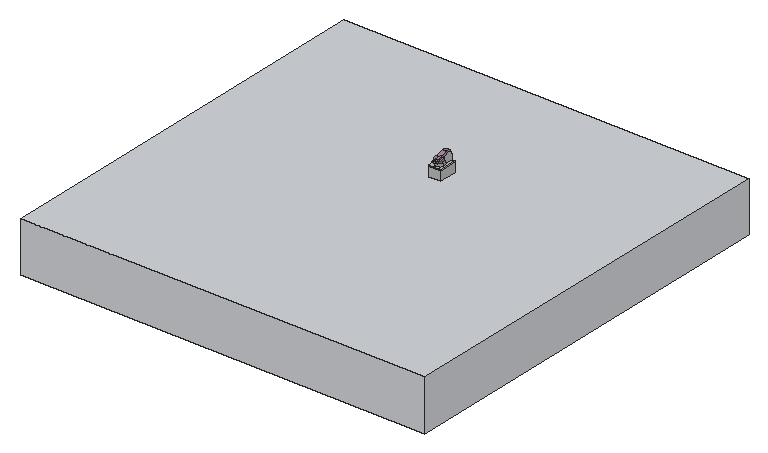
Revit family "LEGRAND_TOMAS SIN ENCLAVAMIENTO_DE SUPERFICIE_IP44_20", category Installations électriques, Revit 2018
Family settings
  Hôte = Face
  Conserver l'orientation des annotations = Non
  Cote de connecteur circulaire = Utiliser le diamètre
  Type d'élément = Normal
  Couper avec des vides une fois chargée = Non
  Partagée = Non
  Point de calcul de pièce = Non
Parameters (values of type "base para cuadro Hypra   IP44   MBT 32 A   20/25 V   2P   plast montaje de superficie con caja simple")
  tipo de conexión = "conexión por tonillo"
  sin halogeno = yes
  resistencia a los choques IK = "09"
  profundidad mm = 110 mm
  profundidad de empotrar mm = 58 mm
  posición de la tierra h = 0
  numero de polos = 2
  materia de la caja = "plástico"
  intensidad A = 32 A
  instalación de empotrar E o de superficie S = "empotrar y superficie"
  h1 = 0.6 * altura mm  # 63.6 mm
  distancia de fijación vertical mm = 60 mm
  distancia de fijación horizontal mm = 52 mm
  color característico = "purpura"
  clase de protección IP = "IP44"
  ancho mm = 74 mm
  altura mm = 106 mm
  Tension V = "20 25 V  50/60 Hz purpura"
  Temperatura minima de uso = "-50°C"
  Temperatura minima de instalación = "-20°C"
  Temperatura maxima de uso = "100°C"
  Temperatura maxima de instalación = "40°C"
  Ray = Dia bouchon / 2  # 24.05 mm
  RAY BOUCHON = Dia bouchon / 2  # 24.05 mm
  Modèle = "052501"
  Estándar CEI o NFC = "CEI"
  Condiciones Generales de Uso = "https://export.legrand.com/en/terms-of-use-BIM-objects"
  Fabricant = "Legrand"  # constant formula
  Elévation par défaut = 1000 mm
  Dia bouchon = 0.65 * ancho mm  # 48.1 mm
  Description = "Toma AL estándar internacional para montaje empotrado o en superficie con accesorio permite la alimentación de aparatos de potencia"
Types (4, lengths in mm): name | profundidad mm | numero de polos | intensidad A | Modèle
  (no name) | 110 | 2 | 32 A | "052501"
  base para cuadro Hypra   IP44   MBT 16 A   20/25 V   2P   plast montaje de superficie con caja simple | 110 | 2 | 16 A | "052401"
  base para cuadro Hypra   IP44   MBT 16 A   20/25 V   3P   plast montaje de superficie con caja simple | 97 | 3 | 16 A | "052402"
  base para cuadro Hypra   IP44   MBT 32 A   20/25 V   2P   plast montaje de superficie con caja simple | 110 | 2 | 32 A | "052501"
Reference planes
  plane 1 "Centre (avant/arrière)": y = 0
  plane 2: z = 0
  plane 3 "Centre (gauche/droite)": x = 0
  plane 4: z = 0
  plane 5: z = 110
  plane 6: x = -37
  plane 7: x = 37
  plane 8: y = 63.6
  plane 9: y = -42.4
  plane 10: z = 58
  plane 11: z = 63.5
  plane 12: x = -16
  plane 13: x = 16
  plane 14: x = 11
  plane 15: x = -11
  plane 16: z = 90
  plane 17: y = 43.6
  plane 18: y = 32.6
  plane 19: z = 100
Forms (mm)
  Extrusion 1, solid
    sketch origin (-66.799, -339.2, 0) x (1, 0, 0) y (0, 1, 0)
      loop
        line (-1219.2, 1219.2) -> (-1219.2, -1219.2) -> (1219.2, -1219.2) -> (1219.2, 1219.2) -> (-1219.2, 1219.2)
    from 0 to -304.8
  Extrusion 2, solid, material "Legrand - Plastique gris"
    sketch origin (0, -15.933, 101.774) x (1, 0, 0) y (0, 0.939693, 0.34202)
      loop
        circle (0, 0) r 24.05
    from -12.32 to -99.553
  Extrusion 3, solid, material "Legrand - Plastique gris"
    sketch origin (0, -1506.027, 58) x (0, -1, 0) y (1, 0, 0)
      loop
        line (-1569.627, -37) -> (-1463.627, -37) -> (-1463.627, 37) -> (-1569.627, 37) -> (-1569.627, -37)
    from 0 to 5.5
  Revolve 4, solid, material "Legrand - Plastique Violet"
    sketch origin (0, 0, 58) x (0, -0.34202, 0.939693) y (0, -0.939693, -0.34202)
      loop
        arc (46.584, 0) -> (45.167, 12.42) -> (40.585, 24.05) r 47.913
        line (40.585, 24.05) -> (34.264, 24.05) -> (34.264, 0) -> (46.584, 0)
      axis (34.264, 0) -> (46.584, 0)
    angle from 0 to 360
  Extrusion 5, solid, material "Legrand - Plastique gris"
    sketch origin (0, 0, 0) x (0, 1, 0) y (0, 0, 1)
      loop
        line (-11.719, 90.198) -> (-2.002, 63.5) -> (63.6, 63.5) -> (63.6, 91.342)
        arc (63.6, 91.342) -> (58.468, 104.409) -> (46.232, 111.29) r 20.922
        line (46.232, 111.29) -> (-11.719, 90.198)
    from -16 to 16
  Extrusion 6, solid, material "Legrand - Plastique gris"
    sketch origin (0, 0, 0) x (0, 1, 0) y (0, 0, 1)
      loop
        line (63.6, 58) -> (-42.4, 58) -> (-42.4, 0) -> (63.6, 0) -> (63.6, 58)
    from -37 to 37
  Extrusion 7, solid, material "Legrand - Plastique Violet"
    sketch origin (0, 0, 0) x (0, 1, 0) y (0, 0, 1)
      loop
        line (32.6, 119.439) -> (-46.341, 90.707) -> (-34.319, 81.972) -> (0, 94.463) -> (0, 63.5) -> (62.1, 63.5) -> (62.1, 100)
        arc (62.1, 100) -> (52.237, 117.135) -> (32.6, 119.439) r 22.008
    from -11 to 11
  Extrusion 8, solid, material "Legrand - Plastique Violet"
    sketch origin (0, -34.319, 81.972) x (0, -0.809017, 0.587785) y (1, 0, 0)
      loop
        line (0, 11) -> (0, -11) -> (14.9, -11)
        arc (14.9, -11) -> (25.9, 0) -> (14.9, 11) r 11
        line (14.9, 11) -> (0, 11)
    from 0 to 5.558
Cuts and joins
  joined: Extrusion 2, Extrusion 3, Extrusion 5
  joined: Extrusion 7, Extrusion 8
Lines and regions (mm)
  reference lines
    curve 1: line (0, 0, 58) -> (0, -15.933, 101.774)
    curve 2: line (0, -15.933, 101.774) -> (0, -38.532, 93.549)
    curve 3: line (0, -15.933, 101.774) -> (0, 6.667, 110)
    curve 4: line (0, 0, 58) -> (0, 18.116, 8.226)
    curve 5: line (0, 18.116, 8.226) -> (0, 40.716, 16.451)
    curve 6: line (0, 18.116, 8.226) -> (0, -4.483, 0)
    curve 7: line (0, -11.719, 90.198) -> (0, -34.319, 81.972)
    curve 8: line (0, -11.719, 90.198) -> (0, 10.881, 98.423)
    curve 9: line (0, -34.319, 81.972) -> (0, -54.544, 96.667)
Dimensions and locks
  "profundidad mm": plane 5 to plane 4
  "altura mm": plane 8 to plane 9
  equal spacing: plane 6, plane 3 "Centre (gauche/droite)", plane 7
  "ancho mm": plane 6 to plane 7
  "profundidad de empotrar mm": plane 10 to plane 4
  equal spacing: curve 2, curve 1, curve 3
  "Dia bouchon": curve 3 to curve 2
  equal spacing: curve 5, curve 4, curve 6
  "Dia bouchon": curve 5 to curve 6
  equal spacing: curve 8, curve 1, curve 7
  "Dia bouchon": curve 7 to curve 8
  curve 8 to curve 3 = 12.32 mm
  "h1": plane 8 to plane 1 "Centre (avant/arrière)"
  locked: plane 11 to plane 10 at 5.5
  plane 12 to plane 3 "Centre (gauche/droite)" to plane 13 = 16 mm, 16 mm
  locked: Revolve 4 sketch curve to curve 2 at 5.998
  locked: plane 14 to plane 13 at 5
  locked: plane 12 to plane 15 at 5
  locked: Extrusion 7 sketch curve to plane 8 at 1.5
  "RAY BOUCHON": Revolve 4 sketch curve to Revolve 4 sketch curve
  locked: plane 17 to plane 8 at 20
  locked: plane 16 to plane 5 at 20
  locked: plane 18 to plane 8 at 31
  locked: plane 5 to plane 19 at 10
  locked: Extrusion 8 sketch curve to Extrusion 8 sketch curve at 14.9
  "Ray": radius of Extrusion 2 sketch curve
  locked: plane 1 "Centre (avant/arrière)" to curve 1 (angle 20.00°)
  locked: curve 3 to curve 1 (angle 90.00°)
  locked: curve 1 to curve 2 (angle 90.00°)
  locked: curve 4 to plane 1 "Centre (avant/arrière)" (angle 20.00°)
  locked: curve 4 to curve 5 (angle 90.00°)
  locked: curve 6 to curve 4 (angle 90.00°)
  locked: curve 7 to curve 1 (angle 90.00°)
  locked: curve 1 to curve 8 (angle 90.00°)
  locked: plane 9 to curve 9 (angle 54.00°)
  aligned and locked: plane 2 to Extrusion 1
  aligned and locked: level to Extrusion 1
  aligned and locked: plane 10 to curve 1
  aligned and locked: plane 1 "Centre (avant/arrière)" to curve 1
  aligned and locked: plane 5 to curve 3
  aligned and locked: plane 4 to curve 6
  aligned and locked: Extrusion 2 to curve 4
  aligned and locked: Extrusion 3 to plane 10
  aligned and locked: curve 7 to curve 8
  aligned and locked: plane 11 to Extrusion 5 sketch curve
  aligned and locked: curve 8 to Extrusion 5 sketch curve
  aligned and locked: Extrusion 6 to plane 6
  aligned and locked: plane 7 to Extrusion 6
  aligned and locked: plane 2 to plane 4
  aligned and locked: Extrusion 2 to curve 7
  aligned and locked: Extrusion 5 to curve 1
  aligned and locked: Revolve 4 sketch curve to curve 7
  aligned and locked: Extrusion 5 sketch curve to plane 8
  aligned and locked: Extrusion 7 sketch curve to curve 2
  aligned and locked: Extrusion 7 sketch curve to curve 7
  aligned and locked: cut or joined group of Extrusion 2, Extrusion 3, Extrusion 5 to Extrusion 7 sketch curve  (x2)
  aligned and locked: Extrusion 7 to plane 15
  aligned and locked: Extrusion 7 to plane 14
  aligned and locked: plane 18 to Extrusion 7 sketch curve
  aligned and locked: plane 19 to Extrusion 7 sketch curve
  aligned and locked: Extrusion 8 to curve 9  (x2)
  aligned and locked: Extrusion 8 to Extrusion 7 sketch curve
Automatic sketch dimensions
  Extrusion 1 sketch curve to Extrusion 1 sketch curve = 2438.4 mm  (x2)
  Extrusion 3 sketch curve to plane 7 = 0 mm
  Extrusion 3 sketch curve to plane 8 = 0 mm
  Extrusion 3 sketch curve to plane 6 = 0 mm
  Extrusion 3 sketch curve to plane 9 = 0 mm
  Extrusion 6 sketch curve to plane 9 = 0 mm
  Extrusion 6 sketch curve to level = 0 mm
  Extrusion 6 sketch curve to plane 8 = 0 mm
  Extrusion 6 sketch curve to plane 10 = 0 mm
  plane 17 to Extrusion 5 sketch curve = 2.632 mm
  Extrusion 5 sketch curve to plane 16 = 1.342 mm
  plane 1 "Centre (avant/arrière)" to Extrusion 5 sketch curve = 2.002 mm
  Extrusion 5 sketch curve to plane 16 = 0.671 mm
  Extrusion 8 sketch curve to curve 9 = 0 mm
  Extrusion 8 sketch curve to curve 9 = 11 mm
  Extrusion 8 sketch curve to curve 9 = 10.1 mm
  Extrusion 8 sketch curve to Extrusion 8 sketch curve = 0 mm
  Extrusion 7 sketch curve to plane 1 "Centre (avant/arrière)" = 0 mm
  Extrusion 2 sketch curve to plane 3 "Centre (gauche/droite)" = 0 mm
  Revolve 4 sketch curve to curve 1 = 0 mm  (x5)
  Revolve 4 sketch curve to curve 1 = 0.825 mm
Connectors
  electrical at (0, 10.6, 58)
    settings: on cut or joined group of Extrusion 2, Extrusion 3, Extrusion 5, index 1, voltage 0 V, apparent load 0 VA, apparent load phase1 0 VA, apparent load phase2 0 VA, apparent load phase3 0 VA, power factor 1, load classification "Autre", number of poles 1, system type 31, power factor state 1, is connector primary yes, connector utility no, sub classification motor no, connector description ""
